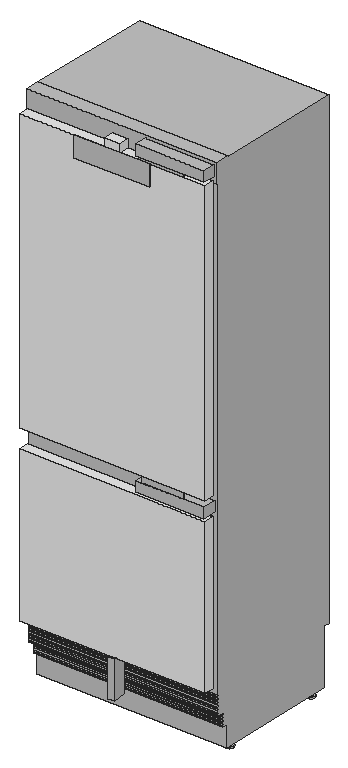
Revit family "FP_Revit_18_RS3084WRU1_Fridge_90001083A", category Specialty Equipment, Revit 2018
Family settings
  Round Connector Dimension = Use Diameter
  Part Type = Normal
  OmniClass Number = 23.40.40.11.11
  OmniClass Title = Refrigerators and Freezers
  Work Plane-Based = No
  Always vertical = Yes
  Cut with Voids When Loaded = Yes
  Shared = No
  Room Calculation Point = No
Parameters (values of type "RS3084WRUK1")
  Visibility - Water Connection = yes
  Visibility - Visibility Control Note = yes
  Visibility - Clearance Required = yes
  URL = "www.fisherpaykel.com"
  Stainless Steel Door Panels (RD3084WRD) = no
  Product - Width = 756 mm  # constant formula
  Product - Height = 2134 mm  # constant formula
  Product - Depth (exl front panel) = 610 mm  # constant formula
  Model = "RS3084WRUK1"
  Material - Handle = Fisher & Paykel - Aluminium
  Material - Door Structure = Fisher & Paykel - White
  Material - Door Front = Fisher & Paykel - Stainless Steel
  Material - Body = Fisher & Paykel - Grey
  Manufacturer = "Fisher & Paykel Appliances"
  Handle Style - Professional Square (AHV2RD3084W) = no
  Handle Style - Professional Round Flush (AHP3RD3084W) = no
  Handle Style - Professional Round (AHCRD3084W) = no
  Handle Style - Contemporary Square Fine Black (AHD5RD3084WB) = no
  Handle Style - Contemporary Square Fine (AHD5RD3084W) = no
  Handle Style - Contemporary Square (AHD3RD3084W) = no
  Handle Style - Contemporary Round (AHSRD3084W) = no
  Description = "30\" Integrated Column Freezer with internal Ice & Water"
  Connector Description - Water = "1/4\" (6mm) comp. stainless steel braided hose"
  Connector Description - Electrical = "120 V, 10 amp fused electrical supply"
  Cavity - Width = 762 mm  # constant formula
  Cavity - Height = 2134 mm  # constant formula
  Cavity - Depth = 635 mm  # constant formula
Reference planes
  plane 1 "Center (Front/Back)": y = 0
  plane 2: z = 0
  plane 3 "Center (Left/Right)": x = 0
  plane 4 "Product LHS": x = -378
  plane 5 "Product RHS": x = 378
  plane 6 "Product - Depth": y = 610
  plane 7 "Cavity LHS": x = -381
  plane 8 "Cavity RHS": x = 381
  plane 9 "Cavity - Depth": y = 635
  plane 10 "Handle Offset": x = -315
  plane 11 "Product Height": z = 2134
  plane 12 "Cavity Height": z = 2134
  plane 13 "Door Panel Datum": y = -4.1
Forms (mm)
  Extrusion 1, solid, material "Fisher & Paykel - Grey" <- "Material - Body", detail levels fine
    sketch origin (0, 0, 0) x (0, 1, 0) y (0, 0, 1)
      loop
        line (100.1, 19.1) -> (587.9, 19.1) -> (587.9, 239.7) -> (610, 239.7) -> (610, 2132.3) -> (105.1, 2132.3) -> (105.1, 2134) -> (49.9, 2134) -> (49.9, 2059) -> (56, 2059) -> (56, 228.6) -> (59.5, 228.6) -> (59.5, 219.7) -> (56.5, 219.7) -> (56.5, 215.9) -> (59.5, 215.9) -> (59.5, 207) -> (56.5, 207) -> (56.5, 203.2) -> (59.5, 203.2) -> (59.5, 194.3) -> (56.5, 194.3) -> (56.5, 190.5) -> (59.5, 190.5) -> (59.5, 181.6) -> (56.5, 181.6) -> (56.5, 177.8) -> (59.5, 177.8) -> (59.5, 168.9) -> (56.5, 168.9) -> (56.5, 165.1) -> (59.5, 165.1) -> (59.5, 156.2) -> (56.5, 156.2) -> (56.5, 152.4) -> (84.1, 152.4) -> (84.1, 143.5) -> (81.1, 143.5) -> (81.1, 139.7) -> (84.1, 139.7) -> (84.1, 130.8) -> (81.1, 130.8) -> (81.1, 127) -> (84.1, 127) -> (84.1, 118.1) -> (81.1, 118.1) -> (81.1, 114.3) -> (84.1, 114.3) -> (84.1, 105.4) -> (81.1, 105.4) -> (81.1, 101.6) -> (100.1, 101.6) -> (100.1, 19.1)
    from -378 to 378
  Extrusion 2, solid, material "Fisher & Paykel - Grey" <- "Material - Body"
    sketch origin (0, 0, 0) x (1, 0, 0) y (0, 1, 0)
      loop
        circle (-357.5, 547.8) r 4.1
      loop
        circle (-357.5, 141.8) r 4.1
      loop
        circle (357.5, 547.8) r 4.1
      loop
        circle (357.5, 141.8) r 4.1
    from 3 to 19.1
  Extrusion 3, solid, material "Fisher & Paykel - Grey" <- "Material - Body"
    sketch origin (0, 0, 0) x (1, 0, 0) y (0, 1, 0)
      loop
        circle (-357.5, 547.8) r 14.5
      loop
        circle (-357.5, 141.8) r 14.555
      loop
        circle (357.5, 547.8) r 14.5
      loop
        circle (357.5, 141.8) r 14.555
    from 0 to 3
  Extrusion 4, solid, material "Fisher & Paykel - Grey" <- "Material - Body", detail levels fine
    sketch origin (0, 0, 0) x (1, 0, 0) y (0, 1, 0)
      loop
        line (-7.5, 49) -> (-13.797, -4.1) -> (13.797, -4.1) -> (7.5, 49) -> (-7.5, 49)
    from 104.2 to 253.8
  Extrusion 5, solid, material "Fisher & Paykel - Grey" <- "Material - Body", detail levels fine
    sketch origin (0, 0, 0) x (0, 1, 0) y (0, 0, 1)
      loop
        line (0, 2070.6) -> (0, 1988.6) -> (2, 1988.6) -> (2, 2068.6) -> (4, 2068.6) -> (4, 2070.6) -> (0, 2070.6)
    from -150 to 150
  Extrusion 6, solid, material "Fisher & Paykel - Grey" <- "Material - Body"
    sketch origin (0, 0, 0) x (1, 0, 0) y (0, 0, 1)
      loop
        circle (303, 119.813) r 5
      loop
        circle (-303, 119.813) r 5
    from -590 to -587.9
  Extrusion 7, solid, material "Fisher & Paykel - White" <- "Material - Door Structure"
    sketch origin (0, 0, 0) x (1, 0, 0) y (0, 1, 0)
      loop
        line (-353, 56) -> (-353, 42) -> (353, 42) -> (353, 56) -> (-353, 56)
    from 951.3 to 2030.7
  Extrusion 8, solid, material "Fisher & Paykel - White" <- "Material - Door Structure"
    sketch origin (0, 0, 0) x (1, 0, 0) y (0, 1, 0)
      loop
        line (-369.4, 42) -> (-369.4, 3) -> (369.4, 3) -> (369.4, 42) -> (-369.4, 42)
    from 943.8 to 2068.6
  Extrusion 9, solid, material "Fisher & Paykel - White" <- "Material - Door Structure", detail levels fine
    sketch origin (0, 0, 0) x (1, 0, 0) y (0, 0, 1)
      loop
        line (-29.5, 2100.1) -> (-29.5, 2068.6) -> (29.5, 2068.6) -> (29.5, 2100.1) -> (-29.5, 2100.1)
    from -42 to -3
  Extrusion 10, solid, material "Fisher & Paykel - Stainless Steel" <- "Material - Door Front", visible <- "Stainless Steel Door Panels (RD3084WRD)"
    sketch origin (0, 0, 0) x (0, 1, 0) y (0, 0, 1)
      loop
        line (-22.1, 2130.8) -> (-22.1, 876.3) -> (-4.1, 876.3) -> (-4.1, 2130.8) -> (-22.1, 2130.8)
      loop
        line (-22.1, 102) -> (-4.1, 102) -> (-4.1, 873.1) -> (-22.1, 873.1) -> (-22.1, 102)
    from -378 to 378
  Extrusion 11, solid, material "Fisher & Paykel - Grey" <- "Material - Body", detail levels coarse+medium
    sketch origin (0, 0, 0) x (0, 1, 0) y (0, 0, 1)
      loop
        line (49.9, 2134) -> (49.9, 2059) -> (56, 2059) -> (56, 152.4) -> (81.1, 152.4) -> (81.1, 101.6) -> (100.1, 101.6) -> (100.1, 19.1) -> (587.9, 19.1) -> (587.9, 239.7) -> (610, 239.7) -> (610, 2134) -> (49.9, 2134)
    from -378 to 378
  Extrusion 12, solid, material "Fisher & Paykel - Grey" <- "Material - Body", detail levels fine
    sketch origin (0, 0, -4) x (0, 1, 0) y (0, 0, 1)
      loop
        arc (163.888, 23.1) -> (180.4, 13.63) -> (196.912, 23.1) r 19.13
        line (196.912, 23.1) -> (163.888, 23.1)
      loop
        arc (493.888, 23.1) -> (510.4, 13.63) -> (526.912, 23.1) r 19.13
        line (526.912, 23.1) -> (493.888, 23.1)
    from 191 to 219
  Extrusion 13, solid, material "Fisher & Paykel - Grey" <- "Material - Body", detail levels fine
    sketch origin (0, 0, -4) x (0, 1, 0) y (0, 0, -1)
      loop
        line (163.888, -23.1) -> (196.912, -23.1)
        arc (196.912, -23.1) -> (180.4, -13.63) -> (163.888, -23.1) r 19.13
      loop
        line (493.888, -23.1) -> (526.912, -23.1)
        arc (526.912, -23.1) -> (510.4, -13.63) -> (493.888, -23.1) r 19.13
    from 191 to 219
  Extrusion 14, solid, material "Fisher & Paykel - Clearance Required", visible <- "Visibility - Clearance Required", detail levels coarse
    sketch origin (0, 0, 0) x (1, 0, 0) y (0, 1, 0)
      loop
        line (-381, 635) -> (-381, -4.1) -> (381, -4.1) -> (381, 635) -> (-381, 635)
    from 0 to 2134
  Extrusion 15, void
    sketch origin (0, 0, 0) x (1, 0, 0) y (0, 1, 0)
      loop
        line (-381, 635) -> (-381, -22.1) -> (381, -22.1) -> (381, 635) -> (-381, 635)
    from 0 to 2134
  Extrusion 16, solid, material "Fisher & Paykel - Grey" <- "Material - Body", detail levels fine
    sketch origin (0, 0, 0) x (1, 0, 0) y (0, 0, 1)
      loop
        line (118.4, 943.8) -> (118.4, 919.35) -> (282.9, 919.35) -> (282.9, 943.8) -> (118.4, 943.8)
      loop
        line (106, 2081.05) -> (106, 2068.6) -> (282.9, 2068.6) -> (282.9, 2076.05) -> (242.9, 2081.05) -> (106, 2081.05)
    from -7 to -4
  Extrusion 17, solid, material "Fisher & Paykel - White" <- "Material - Door Structure"
    sketch origin (0, 0, 0) x (1, 0, 0) y (0, 1, 0)
      loop
        line (-369.4, 42) -> (-369.4, 3) -> (369.4, 3) -> (369.4, 42) -> (-369.4, 42)
    from 253.8 to 868.15
  Extrusion 18, solid, material "Fisher & Paykel - White" <- "Material - Door Structure"
    sketch origin (0, 0, 0) x (1, 0, 0) y (0, 1, 0)
      loop
        line (-353, 56) -> (-353, 42) -> (353, 42) -> (353, 56) -> (-353, 56)
    from 269.2 to 858.13
  Extrusion 19, solid, material "Fisher & Paykel - Clearance Required", visible <- "Visibility - Clearance Required", detail levels coarse
    sketch origin (0, 0, 0) x (0, 1, 0) y (0, 0, 1)
      loop
        line (-422.1, 873.1) -> (-422.1, 818.896) -> (-482.1, 818.896) -> (-482.1, 781.896) -> (-422.1, 781.896) -> (-422.1, 101.6) -> (-22.1, 101.6) -> (-22.1, 873.1) -> (-422.1, 873.1)
    from -381 to 381
  Extrusion 20, solid, material "Fisher & Paykel - Clearance Required", visible <- "Visibility - Clearance Required", detail levels coarse
    sketch origin (0, -0.697, 0) x (1, 0, 0) y (0, 1, 0)
      loop
        line (-328.5, -21.403) -> (-378, -21.403)
        arc (-378, -21.403) -> (-22.015, -691.254) -> (734.604, -745.593) r 783.517
        line (734.604, -745.593) -> (712.602, -698.253) -> (738.875, -686.002)
        arc (738.875, -686.002) -> (747.815, -661.439) -> (723.252, -652.5) r 18.483
        line (723.252, -652.5) -> (697.006, -664.698) -> (415.915, -59.919)
        arc (415.915, -59.919) -> (380.992, -56.377) -> (378, -21.403) r 27.5
        line (378, -21.403) -> (-328.5, -21.403)
    from 876.3 to 2134
  Extrusion 21, solid, material "Fisher & Paykel - Grey" <- "Material - Body", detail levels fine
    sketch origin (0, 0, 0) x (1, 0, 0) y (0, 0, 1)
      loop
        line (366.4, 2123.15) -> (95.42, 2123.15) -> (95.42, 2081.05) -> (366.4, 2081.05) -> (366.4, 2123.15)
    from -49 to -2.5
  Extrusion 22, solid, material "Fisher & Paykel - Grey" <- "Material - Body", detail levels fine
    sketch origin (0, 0, 0) x (1, 0, 0) y (0, 0, 1)
      loop
        line (366.4, 877.25) -> (366.4, 919.35) -> (95.42, 919.35) -> (95.42, 877.25) -> (366.4, 877.25)
    from -56 to -2.5
Lines and regions (mm)
  model lines, style "Fisher & Paykel"
    curve 1: line (-378, -4.1, 2130.8) -> (378, -4.1, 2130.8)
    curve 2: line (-378, -4.1, 876.3) -> (-378, -4.1, 2130.8)
    curve 3: line (378, -4.1, 876.3) -> (-378, -4.1, 876.3)
    curve 4: line (378, -4.1, 2130.8) -> (378, -4.1, 876.3)
    curve 5: line (378, -4.1, 873.1) -> (-378, -4.1, 873.1)
    curve 6: line (378, -4.1, 102) -> (378, -4.1, 873.1)
    curve 7: line (-378, -4.1, 102) -> (378, -4.1, 102)
    curve 8: line (-378, -4.1, 873.1) -> (-378, -4.1, 102)
Text (mm)
  text "Due to ongoing product development, product details are subject to change without notice. \nPlease always refer to www.fisherpaykel.com for the most current product information. \n© Fisher & Paykel 2020" at (41.04, -878.295, 0), in view "Ref. Level (Plan)"
Dimensions and locks
  equal spacing: plane 4 "Product LHS", plane 3 "Center (Left/Right)", plane 5 "Product RHS"
  "Product - Width": plane 4 "Product LHS" to plane 5 "Product RHS"
  "Product - Depth (exl front panel)": plane 1 "Center (Front/Back)" to plane 6 "Product - Depth"
  equal spacing: plane 7 "Cavity LHS", plane 3 "Center (Left/Right)", plane 8 "Cavity RHS"
  "Cavity - Width": plane 7 "Cavity LHS" to plane 8 "Cavity RHS"
  "Cavity - Depth": plane 9 "Cavity - Depth" to plane 1 "Center (Front/Back)"
  plane 4 "Product LHS" to Extrusion 2 sketch curve = 24.6 mm
  plane 4 "Product LHS" to plane 10 "Handle Offset" = 63 mm
  Extrusion 6 sketch curve to Extrusion 1 = 119.887 mm  (x2)
  Extrusion 6 sketch curve to plane 5 "Product RHS" = 75 mm
  plane 4 "Product LHS" to Extrusion 6 sketch curve = 75 mm
  Extrusion 1 sketch curve to Extrusion 1 sketch curve = 82.5 mm
  Extrusion 1 sketch curve to Extrusion 1 sketch curve = 209.5 mm
  Extrusion 1 sketch curve to Extrusion 1 sketch curve = 220.6 mm
  Extrusion 3 to level = 3 mm
  Extrusion 11 to Extrusion 8 = 924.7 mm
  Extrusion 11 to Extrusion 7 = 932.2 mm
  Extrusion 11 to Extrusion 11 = 2114.9 mm
  Extrusion 11 to Extrusion 10 = 82.9 mm
  "Product - Height": level to plane 11 "Product Height"
  plane 11 "Product Height" to Extrusion 10 = 3.2 mm
  Extrusion 8 to plane 11 "Product Height" = 65.4 mm
  Extrusion 7 to plane 11 "Product Height" = 103.3 mm
  Extrusion 11 sketch curve to plane 11 "Product Height" = 75 mm
  Extrusion 1 sketch curve to plane 11 "Product Height" = 1.7 mm
  Extrusion 1 sketch curve to plane 11 "Product Height" = 75 mm
  "Cavity - Height": plane 12 "Cavity Height" to level
  plane 1 "Center (Front/Back)" to Extrusion 14 = 635 mm
  plane 1 "Center (Front/Back)" to Extrusion 15 = 635 mm
  Extrusion 16 sketch curve to Extrusion 16 sketch curve = 40 mm
  Extrusion 16 sketch curve to plane 3 "Center (Left/Right)" = 106 mm
  Extrusion 16 sketch curve to Extrusion 16 sketch curve = 176.9 mm
  Extrusion 16 sketch curve to plane 3 "Center (Left/Right)" = 118.4 mm
  plane 3 "Center (Left/Right)" to Extrusion 16 sketch curve = 282.9 mm
  Extrusion 15 to level = 2134 mm
  radius of Extrusion 6 sketch curve = 5 mm
  aligned and locked: level to plane 2
  aligned and locked: Extrusion 10 to plane 5 "Product RHS"
  aligned and locked: plane 4 "Product LHS" to Extrusion 10
  aligned and locked: Extrusion 11 to plane 5 "Product RHS"
  aligned and locked: Extrusion 11 to plane 4 "Product LHS"
  aligned and locked: Extrusion 11 sketch curve to plane 11 "Product Height"
  aligned and locked: plane 11 "Product Height" to Extrusion 1 sketch curve
  aligned and locked: Extrusion 12 sketch curve to Extrusion 12 sketch curve
  aligned and locked: Extrusion 13 sketch curve to Extrusion 13 sketch curve
  aligned and locked: Extrusion 1 to plane 5 "Product RHS"
  aligned and locked: plane 4 "Product LHS" to Extrusion 1
  aligned and locked: nested 2 to plane 10 "Handle Offset"
  aligned and locked: nested 3 to plane 10 "Handle Offset"
  aligned and locked: nested 4 to plane 10 "Handle Offset"
  aligned and locked: nested 5 to plane 10 "Handle Offset"
  aligned and locked: nested 6 to plane 10 "Handle Offset"
  aligned and locked: nested 7 to plane 10 "Handle Offset"
  aligned and locked: nested 8 to plane 10 "Handle Offset"
Automatic sketch dimensions
  Extrusion 1 sketch curve to plane 6 "Product - Depth" = 0 mm
  Extrusion 1 sketch curve to Extrusion 1 sketch curve = 22.1 mm
  Extrusion 1 sketch curve to plane 1 "Center (Front/Back)" = 105.1 mm
  level to Extrusion 1 sketch curve = 19.1 mm
  Extrusion 1 sketch curve to plane 1 "Center (Front/Back)" = 100.1 mm
  Extrusion 1 sketch curve to Extrusion 1 sketch curve = 16 mm
  Extrusion 1 sketch curve to Extrusion 1 sketch curve = 0 mm  (x8)
  Extrusion 1 sketch curve to Extrusion 1 sketch curve = 3 mm  (x10)
  Extrusion 1 sketch curve to plane 1 "Center (Front/Back)" = 59.5 mm
  Extrusion 1 sketch curve to plane 1 "Center (Front/Back)" = 56 mm
  Extrusion 1 sketch curve to plane 1 "Center (Front/Back)" = 49.9 mm
  Extrusion 1 sketch curve to Extrusion 1 sketch curve = 3.8 mm  (x10)
  Extrusion 1 sketch curve to Extrusion 1 sketch curve = 8.9 mm  (x9)
  Extrusion 2 sketch curve to plane 4 "Product LHS" = 20.5 mm  (x2)
  plane 5 "Product RHS" to Extrusion 2 sketch curve = 20.5 mm  (x2)
  Extrusion 2 sketch curve to plane 1 "Center (Front/Back)" = 141.8 mm  (x2)
  Extrusion 2 sketch curve to plane 6 "Product - Depth" = 62.2 mm  (x2)
  Extrusion 3 sketch curve to plane 4 "Product LHS" = 20.5 mm  (x2)
  plane 5 "Product RHS" to Extrusion 3 sketch curve = 20.5 mm  (x2)
  Extrusion 3 sketch curve to plane 1 "Center (Front/Back)" = 141.8 mm  (x2)
  Extrusion 3 sketch curve to plane 6 "Product - Depth" = 62.2 mm  (x2)
  plane 1 "Center (Front/Back)" to Extrusion 4 sketch curve = 4.1 mm
  Extrusion 4 sketch curve to plane 3 "Center (Left/Right)" = 13.797 mm
  Extrusion 4 sketch curve to plane 3 "Center (Left/Right)" = 7.5 mm
  plane 3 "Center (Left/Right)" to Extrusion 4 sketch curve = 7.5 mm
  plane 3 "Center (Left/Right)" to Extrusion 4 sketch curve = 13.797 mm
  Extrusion 4 sketch curve to plane 1 "Center (Front/Back)" = 49 mm
  Extrusion 5 sketch curve to plane 1 "Center (Front/Back)" = 0 mm
  Extrusion 5 sketch curve to plane 1 "Center (Front/Back)" = 2 mm
  Extrusion 5 sketch curve to Extrusion 5 sketch curve = 2 mm  (x2)
  plane 11 "Product Height" to Extrusion 5 sketch curve = 145.4 mm
  plane 11 "Product Height" to Extrusion 5 sketch curve = 65.4 mm
  Extrusion 7 sketch curve to plane 4 "Product LHS" = 25 mm
  plane 5 "Product RHS" to Extrusion 7 sketch curve = 25 mm
  Extrusion 7 sketch curve to plane 1 "Center (Front/Back)" = 42 mm
  Extrusion 7 sketch curve to Extrusion 7 sketch curve = 14 mm
  Extrusion 8 sketch curve to plane 1 "Center (Front/Back)" = 3 mm
  Extrusion 8 sketch curve to plane 4 "Product LHS" = 8.6 mm
  plane 5 "Product RHS" to Extrusion 8 sketch curve = 8.6 mm
  Extrusion 8 sketch curve to Extrusion 8 sketch curve = 39 mm
  Extrusion 9 sketch curve to plane 3 "Center (Left/Right)" = 29.5 mm
  plane 3 "Center (Left/Right)" to Extrusion 9 sketch curve = 29.5 mm
  plane 11 "Product Height" to Extrusion 9 sketch curve = 65.4 mm
  Extrusion 9 sketch curve to Extrusion 9 sketch curve = 31.5 mm
  Extrusion 11 sketch curve to plane 6 "Product - Depth" = 0 mm
  Extrusion 11 sketch curve to plane 6 "Product - Depth" = 22.1 mm
  Extrusion 11 sketch curve to plane 1 "Center (Front/Back)" = 100.1 mm
  Extrusion 11 sketch curve to Extrusion 11 sketch curve = 19 mm
  Extrusion 11 sketch curve to plane 1 "Center (Front/Back)" = 56 mm
  Extrusion 11 sketch curve to plane 1 "Center (Front/Back)" = 49.9 mm
  level to Extrusion 11 sketch curve = 239.7 mm
  level to Extrusion 11 sketch curve = 152.4 mm
  Extrusion 11 sketch curve to Extrusion 11 sketch curve = 50.8 mm
  level to Extrusion 11 sketch curve = 19.1 mm
  level to Extrusion 12 sketch curve = 19.1 mm
  Extrusion 12 sketch curve to plane 1 "Center (Front/Back)" = 163.888 mm
  Extrusion 12 sketch curve to Extrusion 12 sketch curve = 16.512 mm  (x2)
  Extrusion 12 sketch curve to plane 6 "Product - Depth" = 116.112 mm
  Extrusion 12 sketch curve to Extrusion 12 sketch curve = 9.66 mm  (x2)
  level to Extrusion 13 sketch curve = 19.1 mm
  Extrusion 13 sketch curve to plane 1 "Center (Front/Back)" = 163.888 mm
  Extrusion 13 sketch curve to Extrusion 13 sketch curve = 16.512 mm  (x2)
  Extrusion 13 sketch curve to plane 6 "Product - Depth" = 116.112 mm
  Extrusion 13 sketch curve to Extrusion 13 sketch curve = 9.66 mm  (x2)
  Extrusion 14 sketch curve to plane 7 "Cavity LHS" = 0 mm
  Extrusion 14 sketch curve to plane 8 "Cavity RHS" = 0 mm
  Extrusion 14 sketch curve to plane 9 "Cavity - Depth" = 0 mm
  plane 1 "Center (Front/Back)" to Extrusion 14 sketch curve = 4.1 mm
  Extrusion 15 sketch curve to plane 7 "Cavity LHS" = 0 mm
  Extrusion 15 sketch curve to plane 8 "Cavity RHS" = 0 mm
  plane 9 "Cavity - Depth" to Extrusion 15 sketch curve = 0 mm
  plane 1 "Center (Front/Back)" to Extrusion 15 sketch curve = 22.1 mm
  level to Extrusion 16 sketch curve = 919.35 mm
  Extrusion 16 sketch curve to Extrusion 16 sketch curve = 24.45 mm
  plane 11 "Product Height" to Extrusion 16 sketch curve = 65.4 mm
  Extrusion 16 sketch curve to Extrusion 16 sketch curve = 7.45 mm
  Extrusion 16 sketch curve to Extrusion 16 sketch curve = 5 mm
  Extrusion 17 sketch curve to plane 1 "Center (Front/Back)" = 3 mm
  Extrusion 17 sketch curve to plane 4 "Product LHS" = 8.6 mm
  plane 5 "Product RHS" to Extrusion 17 sketch curve = 8.6 mm
  Extrusion 17 sketch curve to Extrusion 17 sketch curve = 39 mm
  Extrusion 18 sketch curve to plane 4 "Product LHS" = 25 mm
  plane 5 "Product RHS" to Extrusion 18 sketch curve = 25 mm
  Extrusion 18 sketch curve to plane 1 "Center (Front/Back)" = 42 mm
  Extrusion 18 sketch curve to Extrusion 18 sketch curve = 14 mm
  plane 1 "Center (Front/Back)" to Extrusion 19 sketch curve = 482.1 mm
  Extrusion 19 sketch curve to Extrusion 19 sketch curve = 60 mm
  Extrusion 19 sketch curve to Extrusion 19 sketch curve = 0 mm
  plane 1 "Center (Front/Back)" to Extrusion 19 sketch curve = 22.1 mm
  level to Extrusion 19 sketch curve = 101.6 mm
  Extrusion 19 sketch curve to Extrusion 19 sketch curve = 680.296 mm
  Extrusion 19 sketch curve to Extrusion 19 sketch curve = 37 mm
  Extrusion 19 sketch curve to Extrusion 19 sketch curve = 54.204 mm
  Extrusion 20 sketch curve to plane 4 "Product LHS" = 0 mm
  plane 10 "Handle Offset" to Extrusion 20 sketch curve = 13.5 mm
  plane 5 "Product RHS" to Extrusion 20 sketch curve = 0 mm
  Extrusion 20 sketch curve to plane 8 "Cavity RHS" = 19.59 mm
  Extrusion 20 sketch curve to Extrusion 20 sketch curve = 4.816 mm
  Extrusion 20 sketch curve to Extrusion 20 sketch curve = 10.509 mm
  Extrusion 20 sketch curve to plane 8 "Cavity RHS" = 316.006 mm
  Extrusion 20 sketch curve to Extrusion 20 sketch curve = 15.596 mm
  Extrusion 20 sketch curve to Extrusion 20 sketch curve = 26.246 mm
  Extrusion 20 sketch curve to Extrusion 20 sketch curve = 7.811 mm  (x2)
  Extrusion 20 sketch curve to Extrusion 20 sketch curve = 22.003 mm
  plane 1 "Center (Front/Back)" to Extrusion 20 sketch curve = 746.289 mm
  Extrusion 20 sketch curve to Extrusion 20 sketch curve = 47.339 mm
  Extrusion 20 sketch curve to Extrusion 20 sketch curve = 12.251 mm
  Extrusion 20 sketch curve to Extrusion 20 sketch curve = 16.751 mm
  Extrusion 20 sketch curve to Extrusion 20 sketch curve = 12.199 mm
  Extrusion 20 sketch curve to Extrusion 20 sketch curve = 22.833 mm
  plane 11 "Product Height" to Extrusion 21 sketch curve = 10.85 mm
  plane 3 "Center (Left/Right)" to Extrusion 21 sketch curve = 95.42 mm
  plane 5 "Product RHS" to Extrusion 21 sketch curve = 11.6 mm
  Extrusion 21 sketch curve to Extrusion 21 sketch curve = 42.1 mm
  plane 3 "Center (Left/Right)" to Extrusion 22 sketch curve = 95.42 mm
  plane 5 "Product RHS" to Extrusion 22 sketch curve = 11.6 mm
  level to Extrusion 22 sketch curve = 877.25 mm
  Extrusion 22 sketch curve to Extrusion 22 sketch curve = 42.1 mm
  plane 11 "Product Height" to Extrusion 10 sketch curve = 3.2 mm
  plane 1 "Center (Front/Back)" to Extrusion 10 sketch curve = 22.1 mm
  plane 1 "Center (Front/Back)" to Extrusion 10 sketch curve = 4.1 mm  (x2)
  level to Extrusion 10 sketch curve = 102 mm
  Extrusion 10 sketch curve to Extrusion 10 sketch curve = 774.3 mm
  Extrusion 10 sketch curve to Extrusion 10 sketch curve = 3.2 mm
  Extrusion 10 sketch curve to Extrusion 10 sketch curve = 18 mm
  plane 5 "Product RHS" to curve 5 = 0 mm
  plane 5 "Product RHS" to curve 1 = 0 mm
  plane 4 "Product LHS" to curve 5 = 0 mm
  plane 4 "Product LHS" to curve 2 = 0 mm
  level to curve 6 = 102 mm
  curve 6 to curve 6 = 771.1 mm
  curve 5 to curve 2 = 3.2 mm
  plane 11 "Product Height" to curve 2 = 3.2 mm
  radius of Extrusion 2 sketch curve = 4.1 mm  (x3)
  radius of Extrusion 3 sketch curve = 14.5 mm  (x2)
  radius of Extrusion 3 sketch curve = 14.555 mm  (x2)
  radius of Extrusion 6 sketch curve = 5 mm
Nested families
  nested 1: "Visibility Control Note 18" at (0, 0, 0), visible <- "Visibility - Visibility Control Note", type "Visibility Control Note 18"
  nested 2: "Handle Contemporary Round - Vertical" at (-315, -22.1, 1322.58), visible <- "Handle Style - Contemporary Round (AHSRD3084W)", type "AHSRD3084W - Contemporary round handle (1 of 2) (Vertical) 727mm"
  nested 3: "Handle Contemporary Square - Vertical" at (-315, -22.1, 1322.58), visible <- "Handle Style - Contemporary Square (AHD3RD3084W)", type "AHD3RD3084W - Contemporary square handle (1 of 2) (Vertical) 727mm"
  nested 4: "F&P Handle Kit - Contemporary Square Fine - Vertical" at (-315, -22.1, 1322.58), visible <- "Handle Style - Contemporary Square Fine Black (AHD5RD3084WB)", type "AHD5RD3084WB - Contemporary square fine black handle (1 of 2) (Vertical) 727mm"
  nested 5: "F&P Handle Kit - Contemporary Square Fine - Vertical" at (-315, -22.1, 1322.58), visible <- "Handle Style - Contemporary Square Fine (AHD5RD3084W)", type "AHD5RD3084W - Contemporary square fine handle (1 of 2) (Vertical) 727mm"
  nested 6: "Handle Professional Round - Vertical" at (-315, -22.1, 1322.58), visible <- "Handle Style - Professional Round (AHCRD3084W)", type "AHCRD3084W - Professional round handle (1 of 2) (Vertical) 661mm"
  nested 7: "Handle Professional Round Flush - Vertical" at (-315, -22.1, 1322.58), visible <- "Handle Style - Professional Round Flush (AHP3RD3084W)", type "AHP3RD3084W - Professional round flush handle (1 of 2) (Vertical) 677mm"
  nested 8: "Handle Professional Square - Vertical" at (-315, -22.1, 1322.58), visible <- "Handle Style - Professional Square (AHV2RD3084W)", type "AHV2RD3084W - Professional square handle (1 of 2) (Vertical) 727mm"
  nested 9: "Handle Contemporary Round - Horizontal" at (0, -22.1, 800.364), visible <- "Handle Style - Contemporary Round (AHSRD3084W)", type "AHSRD3084W - Contemporary round handle (2 of 2) (Horizontal) 646mm"
  nested 10: "Handle Contemporary Square - Horizontal" at (0, -22.1, 800.364), visible <- "Handle Style - Contemporary Square (AHD3RD3084W)", type "AHD3RD3084W - Contemporary square handle (2 of 2) (Horizontal) 646mm"
  nested 11: "F&P Handle Kit - Contemporary Square Fine - Horizontal" at (0, -22.1, 800.364), visible <- "Handle Style - Contemporary Square Fine Black (AHD5RD3084WB)", type "AHD5RD7621WB - Contemporary square fine handle black (2 of 2) (Horizontal) 646mm"
  nested 12: "Handle Professional Round - Horizontal" at (0, -22.1, 800.364), visible <- "Handle Style - Professional Round (AHCRD3084W)", type "AHCRD3084W - Professional round handle (2 of 2) (Horizontal) 580mm"
  nested 13: "Handle Professional Round Flush - Horizontal" at (0, -22.1, 800.364), visible <- "Handle Style - Professional Round Flush (AHP3RD3084W)", type "AHP3RD3084W - Professional round flush handle (2 of 2) (Horizontal) 596mm"
  nested 14: "Handle Professional Square - Horizontal" at (0, -22.1, 800.364), visible <- "Handle Style - Professional Square (AHV2RD3084W)", type "AHV2RD3084W - Professional square handle (2 of 2) (Horizontal) 586mm"
  nested 15: "F&P Handle Kit - Contemporary Square Fine - Horizontal" at (0, -22.1, 800.364), visible <- "Handle Style - Contemporary Square Fine (AHD5RD3084W)", type "AHD5RD3084W - Contemporary square fine handle (2 of 2) (Horizontal) 646mm"
Connectors
  electrical at (-303, 590, 119.813), driven by "Connector Description - Electrical"
    settings: on Extrusion 6, index 1, voltage 120 V, apparent load 0 VA, apparent load phase1 0 VA, apparent load phase2 0 VA, apparent load phase3 0 VA, power factor 1, load classification "Other", number of poles 1, system type 30, power factor state 1, is connector primary yes, connector utility no, sub classification motor no, connector description "120 V, 10 amp fused electrical supply"
  piping at (303, 590, 119.813), diameter 12.7, driven by "Visibility - Water Connection", driven by "Connector Description - Water"
    settings: on Extrusion 6, index 2, connector inside diameter 609.6 mm, connector length 0 mm, flow factor 0, pipe flow 0.0 L/s, pressure drop 0.0 Pa, fitting loss kfactor 0, connector angle 0.00°, fixture units 0, engagement length 0 mm, angle of deflection 0.00°, flow configuration 0, flow direction 1, fitting loss method 0, system type 20, joint type 0, gender type 0, connector reference index -1, connector utility 1, adjustable connector no, is connector primary yes, connector description "1/4\" (6mm) comp. stainless steel braided hose"
Definition of nested family "Handle Contemporary Round - Vertical"
  Parameters (values of type "AHSRS80A - Contemporary round handle (1 of 2) (Vertical) 727mm")
    URL = "www.fisherpaykel.com"
    Material - Handle = none
    Manufacturer = "Fisher & Paykel Appliances"
    Handle - Length = 727 mm
  Types (6, lengths in mm): name | Handle - Length
    AHS-RD21 - Contemporary round handle (Vertical) 852mm | 852
    AHSRD2484W - Contemporary round handle (1 of 2) (Vertical) 727mm | 727
    AHSRD3084W - Contemporary round handle (1 of 2) (Vertical) 727mm | 727
    AHS-RD84 - Contemporary round handle (Vertical) 852mm | 852
    AHSRS3272A - Contemporary round handle (1 of 2) (Vertical) 727mm | 727
    AHSRS80A - Contemporary round handle (1 of 2) (Vertical) 727mm | 727
  Reference planes
    plane 1 "Center (Front/Back)": y = 0
    plane 2: z = 0
    plane 3 "Center (Left/Right)": x = 0
    plane 4 "Top": z = 363.5
    plane 5 "Bottom": z = -363.5
    plane 6 "Top Standoff": z = 243.5
    plane 7 "Bottom Standoff": z = -243.5
  Forms (mm)
    Extrusion 1, solid, material <- "Material - Handle"
      sketch origin (0, 0, 0) x (1, 0, 0) y (0, 1, 0)
        loop
          circle (0, -32.3) r 8.7
      from -243.5 to 243.5
    Extrusion 2, solid, material <- "Material - Handle", detail levels fine
      sketch origin (0, 0, 0) x (1, 0, 0) y (0, 1, 0)
        loop
          line (-8.7, 0) -> (-8.7, -32.3)
          arc (-8.7, -32.3) -> (0, -41) -> (8.7, -32.3) r 8.7
          line (8.7, -32.3) -> (8.7, 0) -> (-8.7, 0)
      from 243.5 to 363.5
    Extrusion 3, solid, material <- "Material - Handle", detail levels fine
      sketch origin (0, 0, 0) x (1, 0, 0) y (0, 1, 0)
        loop
          line (-8.7, 0) -> (-8.7, -32.3)
          arc (-8.7, -32.3) -> (0, -41) -> (8.7, -32.3) r 8.7
          line (8.7, -32.3) -> (8.7, 0) -> (-8.7, 0)
      from -363.5 to -243.5
    Sweep 4, void
      path in 3D
        loop
          line (8.7, 0, -363.5) -> (8.7, -32.3, -363.5)
          arc (8.7, -32.3, -363.5) -> (0, -41, -363.5) -> (-8.7, -32.3, -363.5) r 8.7
          line (-8.7, -32.3, -363.5) -> (-8.7, 0, -363.5)
      profile origin (8.7, -16.15, -363.5) x (-1, 0, 0) y (0, 0, -1)
        loop
          line (0, 0) -> (0, -1) -> (1, 0) -> (0, 0)
    Sweep 5, void
      path in 3D
        loop
          line (-8.7, 0, 363.5) -> (-8.7, -32.3, 363.5)
          arc (-8.7, -32.3, 363.5) -> (0, -41, 363.5) -> (8.7, -32.3, 363.5) r 8.7
          line (8.7, -32.3, 363.5) -> (8.7, 0, 363.5)
      profile origin (8.7, -16.15, 363.5) x (-1, 0, 0) y (0, 0, 1)
        loop
          line (0, 0) -> (0, -1) -> (1, 0) -> (0, 0)
    Extrusion 6, solid, material <- "Material - Handle", detail levels coarse+medium
      sketch origin (0, 0, 0) x (1, 0, 0) y (0, 1, 0)
        loop
          line (-8.7, 0) -> (-8.7, -32.3)
          arc (-8.7, -32.3) -> (0, -41) -> (8.7, -32.3) r 8.7
          line (8.7, -32.3) -> (8.7, 0) -> (-8.7, 0)
      from 243.5 to 363.5
    Extrusion 7, solid, material <- "Material - Handle", detail levels coarse+medium
      sketch origin (0, 0, 0) x (1, 0, 0) y (0, 1, 0)
        loop
          line (-8.7, 0) -> (-8.7, -32.3)
          arc (-8.7, -32.3) -> (0, -41) -> (8.7, -32.3) r 8.7
          line (8.7, -32.3) -> (8.7, 0) -> (-8.7, 0)
      from -363.5 to -243.5
  Cuts and joins
    Sweep 4 cuts Extrusion 3
    Sweep 5 cuts Extrusion 2
  Lines and regions (mm)
    sketch lines
      curve 1: line (8.7, 0, -363.5) -> (8.7, -32.3, -363.5)
      curve 2: arc (-8.7, -32.3, -363.5) -> (0, -41, -363.5) -> (8.7, -32.3, -363.5) r 8.7
      curve 3: line (-8.7, -32.3, -363.5) -> (-8.7, 0, -363.5)
      curve 4: line (8.7, -32.3, 363.5) -> (8.7, 0, 363.5)
      curve 5: arc (8.7, -32.3, 363.5) -> (0, -41, 363.5) -> (-8.7, -32.3, 363.5) r 8.7
      curve 6: line (-8.7, 0, 363.5) -> (-8.7, -32.3, 363.5)
  Dimensions and locks
    equal spacing: plane 4 "Top", level, plane 5 "Bottom"
    "Handle - Length": plane 4 "Top" to plane 5 "Bottom"
    locked: plane 4 "Top" to plane 6 "Top Standoff" at 120
    locked: plane 7 "Bottom Standoff" to plane 5 "Bottom" at 120
    Extrusion 2 sketch curve to Extrusion 2 sketch curve = 17.4 mm
    Extrusion 3 sketch curve to Extrusion 3 sketch curve = 17.4 mm
    Extrusion 6 sketch curve to Extrusion 6 sketch curve = 17.4 mm
    Extrusion 7 sketch curve to Extrusion 7 sketch curve = 17.4 mm
    aligned and locked: level to plane 2
    aligned and locked: plane 4 "Top" to Extrusion 2
    aligned and locked: Extrusion 3 to plane 5 "Bottom"
    aligned and locked: plane 7 "Bottom Standoff" to Extrusion 3
    aligned and locked: Extrusion 1 to plane 7 "Bottom Standoff"
    aligned and locked: plane 6 "Top Standoff" to Extrusion 1
    aligned and locked: Extrusion 2 to Extrusion 1
    aligned and locked: Extrusion 6 to Extrusion 1
    aligned and locked: plane 4 "Top" to Extrusion 6
    aligned and locked: Extrusion 7 to Extrusion 1
    aligned and locked: Extrusion 7 to plane 5 "Bottom"
  Automatic sketch dimensions
    Extrusion 1 sketch curve to plane 3 "Center (Left/Right)" = 0 mm
    plane 1 "Center (Front/Back)" to Extrusion 1 sketch curve = 32.3 mm
    plane 1 "Center (Front/Back)" to Extrusion 2 sketch curve = 0 mm
    Extrusion 2 sketch curve to plane 3 "Center (Left/Right)" = 0 mm
    Extrusion 2 sketch curve to plane 3 "Center (Left/Right)" = 8.7 mm
    plane 1 "Center (Front/Back)" to Extrusion 2 sketch curve = 32.3 mm
    plane 1 "Center (Front/Back)" to Extrusion 3 sketch curve = 0 mm
    Extrusion 3 sketch curve to plane 3 "Center (Left/Right)" = 0 mm
    Extrusion 3 sketch curve to plane 3 "Center (Left/Right)" = 8.7 mm
    plane 1 "Center (Front/Back)" to Extrusion 3 sketch curve = 32.3 mm
    Sweep 4 sketch curve to profile plane = 0 mm  (x2)
    Sweep 4 sketch curve to profile plane = 1 mm  (x2)
    Sweep 5 sketch curve to profile plane = 0 mm  (x2)
    Sweep 5 sketch curve to profile plane = 1 mm  (x2)
    Extrusion 6 sketch curve to plane 3 "Center (Left/Right)" = 0 mm
    Extrusion 6 sketch curve to plane 3 "Center (Left/Right)" = 8.7 mm
    plane 1 "Center (Front/Back)" to Extrusion 6 sketch curve = 32.3 mm
    Extrusion 6 sketch curve to Extrusion 6 sketch curve = 32.3 mm
    Extrusion 7 sketch curve to plane 3 "Center (Left/Right)" = 0 mm
    Extrusion 7 sketch curve to plane 3 "Center (Left/Right)" = 8.7 mm
    plane 1 "Center (Front/Back)" to Extrusion 7 sketch curve = 32.3 mm
    Extrusion 7 sketch curve to Extrusion 7 sketch curve = 32.3 mm
    radius of Extrusion 1 sketch curve = 8.7 mm
Definition of nested family "Handle Contemporary Square - Vertical"
  Parameters (values of type "AHD3RS80A - Contemporary square handle (1 of 2) (Vertical) 727mm")
    URL = "www.fisherpaykel.com"
    Material - Handle = none
    Manufacturer = "Fisher & Paykel Appliances"
    Handle - Length = 727 mm
  Types (7, lengths in mm): name | Handle - Length
    (no name) | 727
    AHD3-RD21 - Contemporary square handle (Vertical) 852mm | 852
    AHD3RD2484W - Contemporary square handle (1 of 2) (Vertical) 727mm | 727
    AHD3RD3084W - Contemporary square handle (1 of 2) (Vertical) 727mm | 727
    AHD3-RD84 - Contemporary square handle (Vertical) 852mm | 852
    AHD3RS3272A - Contemporary square handle (1 of 2) (Vertical) 727mm | 727
    AHD3RS80A - Contemporary square handle (1 of 2) (Vertical) 727mm | 727
  Reference planes
    plane 1 "Center (Front/Back)": y = 0
    plane 2: z = 0
    plane 3 "Center (Left/Right)": x = 0
    plane 4 "Top": z = 363.5
    plane 5 "Bottom": z = -363.5
    plane 6 "Top Standoff": z = 243.5
    plane 7 "Bottom Standoff": z = -243.5
  Forms (mm)
    Extrusion 1, solid, material <- "Material - Handle", detail levels fine
      sketch origin (0, 0, 0) x (1, 0, 0) y (0, 1, 0)
        loop
          arc (-7.583, -28.701) -> (-7.89, -29.057) -> (-8, -29.514) r 1
          line (-8, -29.514) -> (-8, -40.5)
          arc (-8, -40.5) -> (-7.561, -41.561) -> (-6.5, -42) r 1.5
          line (-6.5, -42) -> (6.5, -42)
          arc (6.5, -42) -> (7.561, -41.561) -> (8, -40.5) r 1.5
          line (8, -40.5) -> (8, -29.487)
          arc (8, -29.487) -> (7.889, -29.029) -> (7.58, -28.673) r 1
          arc (7.58, -28.673) -> (-0.006, -26.256) -> (-7.583, -28.701) r 13.038
      from -363.5 to 363.5
    Extrusion 2, solid, material <- "Material - Handle", detail levels fine
      sketch origin (0, 0, 0) x (1, 0, 0) y (0, 1, 0)
        loop
          arc (7.058, -28.23) -> (7.466, -28.244) -> (7.674, -27.893) r 0.4
          line (7.674, -27.893) -> (7.674, 0) -> (-7.674, 0) -> (-7.674, -27.86)
          arc (-7.674, -27.86) -> (-7.467, -28.21) -> (-7.06, -28.198) r 0.4
          arc (-7.06, -28.198) -> (0.004, -26.156) -> (7.058, -28.23) r 13.136
      from 243.5 to 363.5
    Extrusion 3, solid, material <- "Material - Handle", detail levels fine
      sketch origin (0, 0, 0) x (1, 0, 0) y (0, 1, 0)
        loop
          arc (7.058, -28.23) -> (7.466, -28.244) -> (7.674, -27.893) r 0.4
          line (7.674, -27.893) -> (7.674, 0) -> (-7.674, 0) -> (-7.674, -27.86)
          arc (-7.674, -27.86) -> (-7.467, -28.21) -> (-7.06, -28.198) r 0.4
          arc (-7.06, -28.198) -> (0.004, -26.156) -> (7.058, -28.23) r 13.136
      from -363.5 to -243.5
    Sweep 4, void
      path in 3D
        loop
          line (-8, -29.514, 363.5) -> (-8, -40.5, 363.5)
          arc (-8, -40.5, 363.5) -> (-7.561, -41.561, 363.5) -> (-6.5, -42, 363.5) r 1.5
          line (-6.5, -42, 363.5) -> (6.5, -42, 363.5)
          arc (6.5, -42, 363.5) -> (7.561, -41.561, 363.5) -> (8, -40.5, 363.5) r 1.5
          line (8, -40.5, 363.5) -> (8, -29.487, 363.5)
      profile origin (8, -34.994, 363.5) x (-1, 0, 0) y (0, 0, 1)
        loop
          line (0, 0) -> (0, -1.3) -> (1.3, 0) -> (0, 0)
    Sweep 5, void
      path in 3D
        loop
          line (8, -29.487, -363.5) -> (8, -40.5, -363.5)
          arc (8, -40.5, -363.5) -> (7.561, -41.561, -363.5) -> (6.5, -42, -363.5) r 1.5
          line (6.5, -42, -363.5) -> (-6.5, -42, -363.5)
          arc (-6.5, -42, -363.5) -> (-7.561, -41.561, -363.5) -> (-8, -40.5, -363.5) r 1.5
          line (-8, -40.5, -363.5) -> (-8, -29.514, -363.5)
      profile origin (8, -34.994, -363.5) x (-1, 0, 0) y (0, 0, -1)
        loop
          line (0, 0) -> (0, -1.3) -> (1.3, 0) -> (0, 0)
    Extrusion 6, void
      sketch origin (0, 0, 0) x (1, 0, 0) y (0, 0, 1)
        loop
          line (-8, -362.2) -> (-8, -363.5) -> (-6.7, -363.5) -> (-8, -362.2)
        loop
          line (8, -362.2) -> (6.7, -363.5) -> (8, -363.5) -> (8, -362.2)
      from 0 to 40
    Extrusion 7, void
      sketch origin (0, 0, 0) x (1, 0, 0) y (0, 0, 1)
        loop
          line (-8, 363.5) -> (-8, 362.2) -> (-6.7, 363.5) -> (-8, 363.5)
        loop
          line (8, 363.5) -> (6.7, 363.5) -> (8, 362.2) -> (8, 363.5)
      from 0 to 40
    Extrusion 8, solid, material <- "Material - Handle", detail levels coarse+medium
      sketch origin (0, 0, 0) x (0, 1, 0) y (0, 0, 1)
        loop
          line (0, 363.5) -> (-42, 363.5) -> (-42, -363.5) -> (0, -363.5) -> (0, -243.5) -> (-26.245, -243.5) -> (-26.245, 243.5) -> (0, 243.5) -> (0, 363.5)
      from -8 to 8
  Cuts and joins
    Sweep 4, Sweep 5, Extrusion 6, Extrusion 7 cuts Extrusion 1
    Extrusion 6 cuts Extrusion 3
    Extrusion 7 cuts Extrusion 2
  Lines and regions (mm)
    sketch lines
      curve 1: line (8, -40.5, 363.5) -> (8, -29.487, 363.5)
      curve 2: arc (8, -40.5, 363.5) -> (7.561, -41.561, 363.5) -> (6.5, -42, 363.5) r 1.5
      curve 3: line (-6.5, -42, 363.5) -> (6.5, -42, 363.5)
      curve 4: arc (-6.5, -42, 363.5) -> (-7.561, -41.561, 363.5) -> (-8, -40.5, 363.5) r 1.5
      curve 5: line (-8, -29.514, 363.5) -> (-8, -40.5, 363.5)
      curve 6: line (8, -29.487, -363.5) -> (8, -40.5, -363.5)
      curve 7: arc (6.5, -42, -363.5) -> (7.561, -41.561, -363.5) -> (8, -40.5, -363.5) r 1.5
      curve 8: line (6.5, -42, -363.5) -> (-6.5, -42, -363.5)
      curve 9: arc (-8, -40.5, -363.5) -> (-7.561, -41.561, -363.5) -> (-6.5, -42, -363.5) r 1.5
      curve 10: line (-8, -40.5, -363.5) -> (-8, -29.514, -363.5)
  Dimensions and locks
    equal spacing: plane 4 "Top", level, plane 5 "Bottom"
    "Handle - Length": plane 4 "Top" to plane 5 "Bottom"
    locked: plane 4 "Top" to plane 6 "Top Standoff" at 120
    locked: plane 7 "Bottom Standoff" to plane 5 "Bottom" at 120
    aligned and locked: level to plane 2
    aligned and locked: plane 4 "Top" to Extrusion 2
    aligned and locked: Extrusion 2 to plane 6 "Top Standoff"
    aligned and locked: plane 4 "Top" to Extrusion 1
    aligned and locked: Extrusion 1 to plane 5 "Bottom"
    aligned and locked: Extrusion 3 to plane 5 "Bottom"
    aligned and locked: plane 7 "Bottom Standoff" to Extrusion 3
    aligned and locked: plane 4 "Top" to Extrusion 8 sketch curve
    aligned and locked: plane 6 "Top Standoff" to Extrusion 8 sketch curve
    aligned and locked: plane 7 "Bottom Standoff" to Extrusion 8 sketch curve
    aligned and locked: plane 5 "Bottom" to Extrusion 8 sketch curve
    aligned and locked: plane 1 "Center (Front/Back)" to Extrusion 8 sketch curve  (x2)
  Automatic sketch dimensions
    Extrusion 1 sketch curve to plane 3 "Center (Left/Right)" = 8 mm
    Extrusion 1 sketch curve to Extrusion 1 sketch curve = 1 mm  (x2)
    Extrusion 1 sketch curve to Extrusion 1 sketch curve = 1.5 mm
    plane 3 "Center (Left/Right)" to Extrusion 1 sketch curve = 0.018 mm
    plane 3 "Center (Left/Right)" to Extrusion 1 sketch curve = 6.5 mm
    plane 3 "Center (Left/Right)" to Extrusion 1 sketch curve = 7 mm
    plane 1 "Center (Front/Back)" to Extrusion 1 sketch curve = 42 mm
    Extrusion 1 sketch curve to Extrusion 1 sketch curve = 1.206 mm
    Extrusion 1 sketch curve to Extrusion 1 sketch curve = 10.986 mm
    Extrusion 1 sketch curve to Extrusion 1 sketch curve = 11.013 mm
    Extrusion 1 sketch curve to Extrusion 1 sketch curve = 0 mm
    plane 1 "Center (Front/Back)" to Extrusion 2 sketch curve = 0 mm
    Extrusion 2 sketch curve to plane 3 "Center (Left/Right)" = 7.674 mm
    Extrusion 2 sketch curve to Extrusion 2 sketch curve = 0.4 mm  (x2)
    Extrusion 2 sketch curve to plane 3 "Center (Left/Right)" = 0.026 mm
    plane 3 "Center (Left/Right)" to Extrusion 2 sketch curve = 7.274 mm
    plane 1 "Center (Front/Back)" to Extrusion 2 sketch curve = 27.86 mm
    Extrusion 2 sketch curve to Extrusion 2 sketch curve = 0.033 mm
    Extrusion 2 sketch curve to Extrusion 2 sketch curve = 11.398 mm
    Extrusion 2 sketch curve to Extrusion 2 sketch curve = 0 mm
    plane 1 "Center (Front/Back)" to Extrusion 3 sketch curve = 0 mm
    Extrusion 3 sketch curve to Extrusion 3 sketch curve = 0.4 mm  (x2)
    Extrusion 3 sketch curve to Extrusion 3 sketch curve = 7.248 mm
    Extrusion 3 sketch curve to Extrusion 3 sketch curve = 7.3 mm
    plane 1 "Center (Front/Back)" to Extrusion 3 sketch curve = 27.86 mm
    Extrusion 3 sketch curve to Extrusion 3 sketch curve = 0.033 mm
    Extrusion 3 sketch curve to Extrusion 3 sketch curve = 11.398 mm
    Extrusion 3 sketch curve to Extrusion 3 sketch curve = 0 mm
    Sweep 4 sketch curve to profile plane = 0 mm  (x2)
    Sweep 4 sketch curve to profile plane = 1.3 mm  (x2)
    Sweep 5 sketch curve to profile plane = 0 mm  (x2)
    Sweep 5 sketch curve to profile plane = 1.3 mm  (x2)
    Extrusion 6 sketch curve to plane 5 "Bottom" = 0 mm  (x2)
    plane 5 "Bottom" to Extrusion 6 sketch curve = 1.3 mm  (x2)
    Extrusion 6 sketch curve to plane 3 "Center (Left/Right)" = 8 mm
    Extrusion 6 sketch curve to Extrusion 6 sketch curve = 1.3 mm  (x2)
    plane 3 "Center (Left/Right)" to Extrusion 6 sketch curve = 8 mm
    Extrusion 7 sketch curve to plane 4 "Top" = 0 mm  (x2)
    Extrusion 7 sketch curve to plane 3 "Center (Left/Right)" = 8 mm
    Extrusion 7 sketch curve to Extrusion 7 sketch curve = 1.3 mm  (x2)
    plane 3 "Center (Left/Right)" to Extrusion 7 sketch curve = 8 mm
    Extrusion 7 sketch curve to plane 4 "Top" = 1.3 mm  (x2)
    plane 1 "Center (Front/Back)" to Extrusion 8 sketch curve = 26.245 mm
    plane 1 "Center (Front/Back)" to Extrusion 8 sketch curve = 42 mm
    Extrusion 3 sketch curve to plane 3 "Center (Left/Right)" = 7.674 mm
Definition of nested family "F&P Handle Kit - Contemporary Square Fine - Vertical"
  Parameters (values of type "AHD5RD90AB - Contemporary square fine black handle (1 of 2) (Vertical) 727mm")
    URL = "www.fisherpaykel.com"
    Material - Handle = none
    Manufacturer = "Fisher & Paykel Appliances"
    Handle - Length = 727 mm
  Types (14): name
    AHD5RD2484W - Contemporary square fine handle (1 of 2) (Vertical) 727mm
    AHD5RD2484WB - Contemporary square fine black handle (1 of 2) (Vertical) 727mm
    AHD5RD3084W - Contemporary square fine handle (1 of 2) (Vertical) 727mm
    AHD5RD3084WB - Contemporary square fine black handle (1 of 2) (Vertical) 727mm
    AHD5RD6121W - Contemporary square fine handle (1 of 2) (Vertical) 727mm
    AHD5RD6121WB - Contemporary square fine black handle (1 of 2) (Vertical) 727mm
    AHD5RD7621W - Contemporary square fine handle (1 of 2) (Vertical) 727mm
    AHD5RD7621WB - Contemporary square fine black handle (1 of 2) (Vertical) 727mm
    AHD5RD36A - Contemporary square fine handle (1 of 2) (Vertical) 727mm
    AHD5RD36AB - Contemporary square fine black handle (1 of 2) (Vertical) 727mm
    AHD5RD80A - Contemporary square fine handle (1 of 2) (Vertical) 727mm
    AHD5RD90A - Contemporary square fine handle (1 of 2) (Vertical) 727mm
    AHD5RD80AB - Contemporary square fine black handle (1 of 2) (Vertical) 727mm
    AHD5RD90AB - Contemporary square fine black handle (1 of 2) (Vertical) 727mm
  Reference planes
    plane 1 "Center (Front/Back)": y = 0
    plane 2: z = 0
    plane 3 "Center (Left/Right)": x = 0
    plane 4 "Top": z = 363.5
    plane 5 "Bottom": z = -363.5
    plane 6 "Top Standoff": z = 243.5
    plane 7 "Bottom Standoff": z = -243.5
  Forms (mm)
    Extrusion 1, solid, material <- "Material - Handle", detail levels fine
      sketch origin (0, 0, 0) x (1, 0, 0) y (0, 1, 0)
        loop
          arc (-6.16, -26.813) -> (-6.554, -27.196) -> (-6.686, -27.728) r 1
          line (-6.686, -27.728) -> (-6.256, -40.035)
          arc (-6.256, -40.035) -> (-5.951, -40.719) -> (-5.257, -41) r 1
          line (-5.257, -41) -> (5.257, -41)
          arc (5.257, -41) -> (5.951, -40.719) -> (6.256, -40.035) r 1
          line (6.256, -40.035) -> (6.686, -27.709)
          arc (6.686, -27.709) -> (6.554, -27.175) -> (6.158, -26.792) r 1
          arc (6.158, -26.792) -> (-0.004, -25.256) -> (-6.16, -26.813) r 13.038
      from -363.5 to 363.5
    Extrusion 2, solid, material <- "Material - Handle", detail levels fine
      sketch origin (0, 0, 0) x (1, 0, 0) y (0, 1, 0)
        loop
          arc (6.012, -26.626) -> (6.494, -26.614) -> (6.741, -26.2) r 0.5
          line (6.741, -26.2) -> (7.7, 0) -> (-7.7, 0) -> (-6.742, -26.174)
          arc (-6.742, -26.174) -> (-6.496, -26.587) -> (-6.015, -26.6) r 0.5
          arc (-6.015, -26.6) -> (0.002, -25.156) -> (6.012, -26.626) r 13.136
      from 243.5 to 363.5
    Extrusion 3, solid, material <- "Material - Handle", detail levels coarse+medium
      sketch origin (0, 0, 0) x (0, 1, 0) y (0, 0, 1)
        loop
          line (0, 363.5) -> (-42, 363.5) -> (-42, -363.5) -> (0, -363.5) -> (0, -243.5) -> (-26.245, -243.5) -> (-26.245, 243.5) -> (0, 243.5) -> (0, 363.5)
      from -8 to 8
    Extrusion 4, solid, material <- "Material - Handle", detail levels fine
      sketch origin (0, 0, 0) x (1, 0, 0) y (0, 1, 0)
        loop
          arc (6.012, -26.626) -> (6.494, -26.614) -> (6.741, -26.2) r 0.5
          line (6.741, -26.2) -> (7.7, 0) -> (-7.7, 0) -> (-6.742, -26.174)
          arc (-6.742, -26.174) -> (-6.496, -26.587) -> (-6.015, -26.6) r 0.5
          arc (-6.015, -26.6) -> (0.002, -25.156) -> (6.012, -26.626) r 13.136
      from -363.5 to -243.5
  Dimensions and locks
    equal spacing: plane 4 "Top", level, plane 5 "Bottom"
    "Handle - Length": plane 4 "Top" to plane 5 "Bottom"
    locked: plane 4 "Top" to plane 6 "Top Standoff" at 120
    locked: plane 7 "Bottom Standoff" to plane 5 "Bottom" at 120
    aligned and locked: level to plane 2
    aligned and locked: plane 4 "Top" to Extrusion 2
    aligned and locked: Extrusion 2 to plane 6 "Top Standoff"
    aligned and locked: plane 4 "Top" to Extrusion 1
    aligned and locked: Extrusion 1 to plane 5 "Bottom"
    aligned and locked: plane 4 "Top" to Extrusion 3 sketch curve
    aligned and locked: plane 6 "Top Standoff" to Extrusion 3 sketch curve
    aligned and locked: plane 7 "Bottom Standoff" to Extrusion 3 sketch curve
    aligned and locked: plane 5 "Bottom" to Extrusion 3 sketch curve
    aligned and locked: Extrusion 4 to plane 5 "Bottom"
    aligned and locked: plane 7 "Bottom Standoff" to Extrusion 4
  Automatic sketch dimensions
    Extrusion 1 sketch curve to plane 3 "Center (Left/Right)" = 6.686 mm
    Extrusion 1 sketch curve to plane 3 "Center (Left/Right)" = 6.256 mm
    Extrusion 1 sketch curve to Extrusion 1 sketch curve = 0.999 mm  (x4)
    plane 3 "Center (Left/Right)" to Extrusion 1 sketch curve = 0.018 mm
    plane 3 "Center (Left/Right)" to Extrusion 1 sketch curve = 5.257 mm
    plane 3 "Center (Left/Right)" to Extrusion 1 sketch curve = 5.687 mm
    plane 1 "Center (Front/Back)" to Extrusion 1 sketch curve = 41 mm
    Extrusion 1 sketch curve to Extrusion 1 sketch curve = 0.965 mm  (x2)
    Extrusion 1 sketch curve to Extrusion 1 sketch curve = 1.706 mm
    Extrusion 1 sketch curve to Extrusion 1 sketch curve = 12.307 mm
    Extrusion 1 sketch curve to Extrusion 1 sketch curve = 12.326 mm
    Extrusion 1 sketch curve to Extrusion 1 sketch curve = 0.035 mm  (x2)
    Extrusion 1 sketch curve to Extrusion 1 sketch curve = 0 mm
    plane 1 "Center (Front/Back)" to Extrusion 2 sketch curve = 0 mm
    Extrusion 2 sketch curve to plane 3 "Center (Left/Right)" = 7.7 mm
    Extrusion 2 sketch curve to plane 3 "Center (Left/Right)" = 6.742 mm
    Extrusion 2 sketch curve to Extrusion 2 sketch curve = 0.5 mm  (x2)
    Extrusion 2 sketch curve to plane 3 "Center (Left/Right)" = 0.026 mm
    plane 3 "Center (Left/Right)" to Extrusion 2 sketch curve = 6.242 mm
    plane 3 "Center (Left/Right)" to Extrusion 2 sketch curve = 7.7 mm
    plane 1 "Center (Front/Back)" to Extrusion 2 sketch curve = 26.155 mm
    Extrusion 2 sketch curve to Extrusion 2 sketch curve = 0.018 mm  (x2)
    Extrusion 2 sketch curve to Extrusion 2 sketch curve = 0.026 mm
    Extrusion 2 sketch curve to Extrusion 2 sketch curve = 12.11 mm
    Extrusion 2 sketch curve to Extrusion 2 sketch curve = 0 mm
    plane 1 "Center (Front/Back)" to Extrusion 3 sketch curve = 42 mm
    Extrusion 3 sketch curve to Extrusion 3 sketch curve = 15.755 mm
    Extrusion 3 sketch curve to Extrusion 3 sketch curve = 42 mm  (x2)
    Extrusion 4 sketch curve to plane 3 "Center (Left/Right)" = 7.7 mm
    Extrusion 4 sketch curve to plane 3 "Center (Left/Right)" = 6.742 mm
    Extrusion 4 sketch curve to Extrusion 4 sketch curve = 0.5 mm  (x2)
    Extrusion 4 sketch curve to plane 3 "Center (Left/Right)" = 0.026 mm
    plane 3 "Center (Left/Right)" to Extrusion 4 sketch curve = 6.242 mm
    plane 3 "Center (Left/Right)" to Extrusion 4 sketch curve = 7.7 mm
    plane 1 "Center (Front/Back)" to Extrusion 4 sketch curve = 38.291 mm
    Extrusion 4 sketch curve to Extrusion 4 sketch curve = 12.091 mm
    Extrusion 4 sketch curve to Extrusion 4 sketch curve = 0.018 mm  (x2)
    Extrusion 4 sketch curve to Extrusion 4 sketch curve = 0.452 mm
    Extrusion 4 sketch curve to Extrusion 4 sketch curve = 26.174 mm
    Extrusion 4 sketch curve to Extrusion 4 sketch curve = 0 mm
Definition of nested family "Handle Professional Round - Vertical"
  Parameters (values of type "AHCRD2484W - Professional round handle (1 of 2) (Vertical) 661mm")
    URL = "www.fisherpaykel.com"
    Material - Standoff = none
    Material - Handle = none
    Manufacturer = "Fisher & Paykel Appliances"
    Handle - Length = 661 mm
  Types (4, lengths in mm): name | Handle - Length
    AHCRD2484W - Professional round handle (1 of 2) (Vertical) 661mm | 661
    AHCRD3084W - Professional round handle (1 of 2) (Vertical) 661mm | 661
    AHC-RD84 - Professional round handle (Vertical) 786mm | 786
    AHCRS3272A - Professional round handle (1 of 2) (Vertical) 661mm | 661
  Reference planes
    plane 1 "Center (Front/Back)": y = 0
    plane 2: z = 0
    plane 3 "Center (Left/Right)": x = 0
    plane 4 "Top": z = 330.5
    plane 5 "Bottom": z = -330.5
    plane 6 "Top Standoff": z = 286.5
    plane 7 "Bottom Standoff": z = -286.5
  Forms (mm)
    Extrusion 1, solid, material <- "Material - Standoff", detail levels fine
      sketch origin (0, 0, 0) x (1, 0, 0) y (0, 1, 0)
        loop
          line (-18.5, 0) -> (-18.5, -41.7)
          arc (-18.5, -41.7) -> (0, -60.2) -> (18.5, -41.7) r 18.5
          line (18.5, -41.7) -> (18.5, 0) -> (-18.5, 0)
      from 286.5 to 330.5
    Extrusion 2, solid, material <- "Material - Standoff", detail levels fine
      sketch origin (0, 0, 0) x (1, 0, 0) y (0, 1, 0)
        loop
          line (-18.5, 0) -> (-18.5, -41.7)
          arc (-18.5, -41.7) -> (0, -60.2) -> (18.5, -41.7) r 18.5
          line (18.5, -41.7) -> (18.5, 0) -> (-18.5, 0)
      from -330.5 to -286.5
    Extrusion 3, solid, material <- "Material - Handle"
      sketch origin (0, 0, 0) x (1, 0, 0) y (0, 1, 0)
        loop
          circle (0, -41.7) r 12.7
      from -286.5 to 286.5
    Sweep 4, void
      path in 3D
        loop
          line (-18.5, 0, 330.5) -> (-18.5, -41.7, 330.5)
          arc (-18.5, -41.7, 330.5) -> (0, -60.2, 330.5) -> (18.5, -41.7, 330.5) r 18.5
          line (18.5, -41.7, 330.5) -> (18.5, 0, 330.5)
      profile origin (18.5, -20.85, 330.5) x (-1, 0, 0) y (0, 0, 1)
        loop
          line (0, 0) -> (0, -3) -> (3, 0) -> (0, 0)
    Sweep 5, void
      path in 3D
        loop
          line (18.5, 0, -330.5) -> (18.5, -41.7, -330.5)
          arc (18.5, -41.7, -330.5) -> (0, -60.2, -330.5) -> (-18.5, -41.7, -330.5) r 18.5
          line (-18.5, -41.7, -330.5) -> (-18.5, 0, -330.5)
      profile origin (18.5, -20.85, -330.5) x (-1, 0, 0) y (0, 0, -1)
        loop
          line (0, 0) -> (0, -3) -> (3, 0) -> (0, 0)
    Extrusion 6, solid, material <- "Material - Standoff", detail levels coarse+medium
      sketch origin (0, 0, 0) x (1, 0, 0) y (0, 1, 0)
        loop
          line (-18.5, 0) -> (-18.5, -41.7)
          arc (-18.5, -41.7) -> (0, -60.2) -> (18.5, -41.7) r 18.5
          line (18.5, -41.7) -> (18.5, 0) -> (-18.5, 0)
      from 286.5 to 330.5
    Extrusion 7, solid, material <- "Material - Standoff", detail levels coarse+medium
      sketch origin (0, 0, 0) x (1, 0, 0) y (0, 1, 0)
        loop
          line (-18.5, 0) -> (-18.5, -41.7)
          arc (-18.5, -41.7) -> (0, -60.2) -> (18.5, -41.7) r 18.5
          line (18.5, -41.7) -> (18.5, 0) -> (-18.5, 0)
      from -330.5 to -286.5
  Cuts and joins
    Sweep 4 cuts Extrusion 1
    Sweep 5 cuts Extrusion 2
  Lines and regions (mm)
    sketch lines
      curve 1: line (18.5, -41.7, 330.5) -> (18.5, 0, 330.5)
      curve 2: arc (18.5, -41.7, 330.5) -> (0, -60.2, 330.5) -> (-18.5, -41.7, 330.5) r 18.5
      curve 3: line (-18.5, 0, 330.5) -> (-18.5, -41.7, 330.5)
      curve 4: line (18.5, 0, -330.5) -> (18.5, -41.7, -330.5)
      curve 5: arc (-18.5, -41.7, -330.5) -> (0, -60.2, -330.5) -> (18.5, -41.7, -330.5) r 18.5
      curve 6: line (-18.5, -41.7, -330.5) -> (-18.5, 0, -330.5)
  Dimensions and locks
    equal spacing: plane 4 "Top", level, plane 5 "Bottom"
    "Handle - Length": plane 4 "Top" to plane 5 "Bottom"
    plane 4 "Top" to plane 6 "Top Standoff" = 44 mm
    plane 7 "Bottom Standoff" to plane 5 "Bottom" = 44 mm
    aligned and locked: level to plane 2
    aligned and locked: plane 4 "Top" to Extrusion 1
    aligned and locked: Extrusion 1 to plane 6 "Top Standoff"
    aligned and locked: Extrusion 2 to plane 5 "Bottom"
    aligned and locked: plane 7 "Bottom Standoff" to Extrusion 2
    aligned and locked: plane 6 "Top Standoff" to Extrusion 3
    aligned and locked: Extrusion 3 to plane 7 "Bottom Standoff"
    aligned and locked: plane 4 "Top" to Extrusion 6
    aligned and locked: Extrusion 7 to plane 5 "Bottom"
    aligned and locked: plane 7 "Bottom Standoff" to Extrusion 7
    aligned and locked: Extrusion 6 to plane 6 "Top Standoff"
  Automatic sketch dimensions
    plane 1 "Center (Front/Back)" to Extrusion 1 sketch curve = 0 mm
    Extrusion 1 sketch curve to plane 3 "Center (Left/Right)" = 0 mm
    Extrusion 1 sketch curve to plane 3 "Center (Left/Right)" = 18.5 mm
    plane 1 "Center (Front/Back)" to Extrusion 1 sketch curve = 41.7 mm
    plane 1 "Center (Front/Back)" to Extrusion 2 sketch curve = 0 mm
    Extrusion 2 sketch curve to plane 3 "Center (Left/Right)" = 0 mm
    Extrusion 2 sketch curve to plane 3 "Center (Left/Right)" = 18.5 mm
